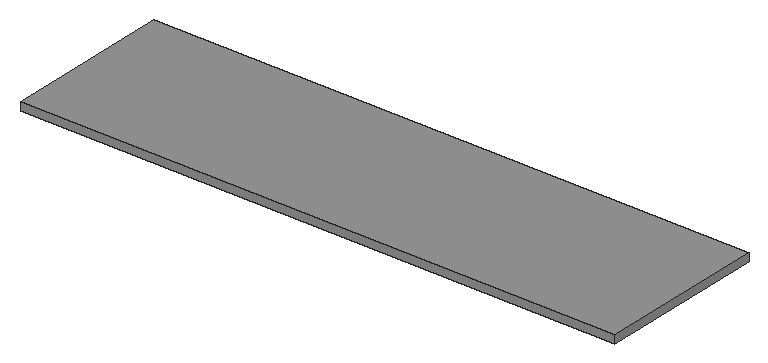
Revit family "Haworth_Epure_Storage_Top_EU_PRELIMINARY", category Furniture, Revit 2019
Family settings
  OmniClass Number = 23.40.70.14.64.11
  OmniClass Title = Office Furniture
  Work Plane-Based = No
  Always vertical = Yes
  Cut with Voids When Loaded = No
  Shared = No
  Room Calculation Point = No
Parameters (values of type "160 x 45")
  Warranty = "http://www.haworth.com/resources/product-info/warranties"
  URL - Product = "https://www.haworth.com/eu/en/products/office-desks/epure-01.html"
  Type Comments = ""
  URL = "https://www.haworth.com/eu/en.html"
  Top Finish [instance] = Haworth _ Laminate _ Undecided _ Storage
  Thickness Bottom = 2 cm
  Small = not(Large)  # no
  Size = "Verify Final Dim.w/ Haworth"  # constant formula
  Revision Number = "1"  # constant formula
  Model = "EUPSTOPXX0"  # constant formula
  Manufacturer = "Haworth"  # constant formula
  Large = yes
  Description = "Haworth - Epure - Proximity Storage - Top"  # constant formula
  Author = "Haworth (Abd Rahman)"  # constant formula
  Assembly Code = "E2020200"
  Actual Width = if(Small, 80 cm, 160 cm)  # 160 cm
  Actual Depth = 45 cm  # constant formula
Types (2, lengths in cm): name | Small | Large | Actual Width
  160 x 45 | no | yes | 160
  80 x 45 | yes | no | 80
Reference planes (cm)
  plane 1 "Center F/B": y = 17.4526
  plane 2: z = 0
  plane 3 "Center L/R": x = 11.43
  plane 4 "Left": x = -68.57
  plane 5 "Right": x = 91.43
  plane 6 "Back": y = 39.9526
  plane 7 "Front": y = -5.0474
  plane 8: z = 25
  plane 9: z = 27
Forms (cm)
  Extrusion 1, solid, material "Haworth _ Laminate _ Undecided _ Storage" <- "Top Finish"
    sketch origin (0, 0, 0) x (1, 0, 0) y (0, 1, 0)
      loop
        line (-68.57, 39.9526) -> (-68.57, -5.0474) -> (91.43, -5.0474) -> (91.43, 39.9526) -> (-68.57, 39.9526)
    from 25 to 27
Lines and regions (cm)
  Masking region 1
    outline origin (0, 0, 0) x (1, 0, 0) y (0, 1, 0)
      loop
        line (-68.57, 39.9526) -> (-68.57, -5.0474) -> (91.43, -5.0474) -> (91.43, 39.9526) -> (-68.57, 39.9526)
Dimensions and locks (cm)
  equal spacing: plane 6 "Back", plane 1 "Center F/B", plane 7 "Front"
  "Actual Depth": plane 6 "Back" to plane 7 "Front"
  equal spacing: plane 4 "Left", plane 3 "Center L/R", plane 5 "Right"
  "Actual Width": plane 4 "Left" to plane 5 "Right"
  "Thickness Bottom": plane 9 to plane 8
  aligned and locked: Extrusion 1 sketch curve to plane 5 "Right"
  aligned and locked: Extrusion 1 sketch curve to plane 6 "Back"
  aligned and locked: plane 4 "Left" to Extrusion 1 sketch curve
  aligned and locked: plane 7 "Front" to Extrusion 1 sketch curve
  aligned and locked: Extrusion 1 to plane 8
  aligned and locked: Extrusion 1 to plane 9
  aligned and locked: Masking region 1 sketch curve to plane 5 "Right"
  aligned and locked: Masking region 1 sketch curve to plane 6 "Back"
  aligned and locked: plane 4 "Left" to Masking region 1 sketch curve
  aligned and locked: plane 7 "Front" to Masking region 1 sketch curve
